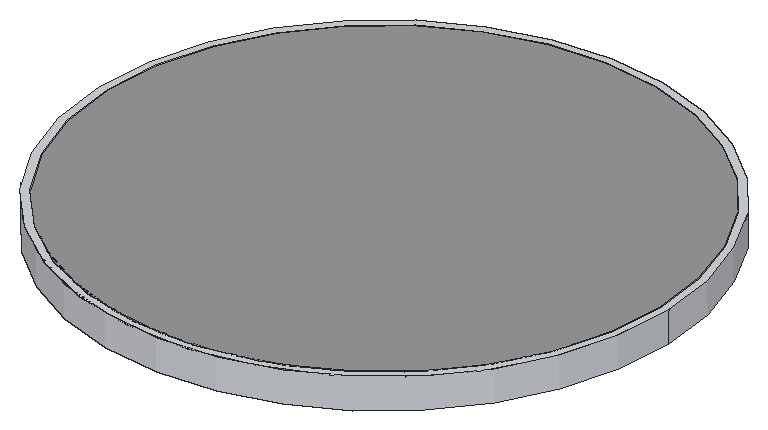
Revit family "2071309", category Lighting Fixtures, host Face, Revit 2018
Family settings
  Host = Face
  Round Connector Dimension = Use Diameter
  Part Type = Junction Box
  OmniClass Number = 23.80.70.00
  OmniClass Title = Lighting
  Cut with Voids When Loaded = No
  Light Source = Yes
  Shared = No
  Room Calculation Point = No
Parameters (values of type "2071309 COLOSSAL 1200 830 PR DIR+H WHT DALI")
  iner diameter = 1168 mm
  Weight = "n/a"
  Wattage Comments = ""
  Wattage = 30 W
  WarrantyStartDate [instance] = "n/a"
  WarrantyGuarantorParts = "n/a"
  WarrantyDurationUnit = "n/a"
  WarrantyDurationParts = ""
  WarrantyDescription = "http://www.sylvania-lighting.com"
  built-in parameter 1150110 = 1 (stored number, unit not read)
  Voltage = 230 V
  URL = "0.95"
  TypeName = "COLOSSAL 1200mm 830 PRISM DIR+HAL WHITE DALI"
  Type Image = <None>
  Type Comments = "n/a"
  built-in parameter 1114217 = 1 (stored number, unit not read)
  Tilt Angle = -90.00°
  built-in parameter 1150109 = 1 (stored number, unit not read)
  built-in parameter 1150134 = (empty or 0)
  built-in parameter 1150113 = 1 (stored number, unit not read)
  SerialNumber [instance] = "n/a"
  Photometric Web File = "2071309.ies"
  Material_3_SYL = LED-Sylvania
  PowerFactor = 0
  PowerConsumption = "Lighting"
  NominalLength = 1168 mm
  NominalHeight = 93 mm
  NominalDepth = 1168 mm
  Name = "COLOSSAL 1200mm 830 PRISM DIR+HAL WHITE DALI"
  ModelReference = Name  # "COLOSSAL 1200mm 830 PRISM DIR+HAL WHITE DALI"
  ModelNumber = "2071309"
  Model = Name  # "COLOSSAL 1200mm 830 PRISM DIR+HAL WHITE DALI"
  Material = "Feilo Sylvania"
  ManufacturerName = "135 lm/W"
  Manufacturer = ""
  LuminousEfficacy = ""
  built-in parameter 1150105 = 270.44 (stored number, unit not read)
  Lumens = 3398.4 lm
  LuminaireType = "0"
  built-in parameter 1150115 = 1 (stored number, unit not read)
  LightOutputRatio = "LED"
  built-in parameter 1150137 = (empty or 0)
  built-in parameter 1150139 = (empty or 0)
  LampsType = Lamp  # "n/a"
  LampNominalLuminous = "3000 K"
  LampMacAdamStep = "80"
  LampColourTemperature = "LED"
  LampColourRenderingIndex = "16500"
  built-in parameter 1150112 = 1 (stored number, unit not read)
  built-in parameter 1150114 = 1 (stored number, unit not read)
  Lamp = "n/a"
  Keynote = "n/a"
  InstallationDate [instance] = "n/a"
  InputVoltage = "0"
  InputNominalFrequency = "3000"
  built-in parameter 1150132 = (empty or 0)
  built-in parameter 1150102 = (empty or 0)
  built-in parameter 1150107 = 3000 (stored number, unit not read)
  built-in parameter 1150138 = (empty or 0)
  IngressProtection = "IfcLightFixtureType"
  ImpactProtectionIndex = "IfcLightFixtureType"
  built-in parameter 1150106 = 2.7044 (stored number, unit not read)
  IfcExportType = "IfcLightFixtureType"
  IfcExportAs = "Class I"
  Emit from Circle Diameter = 385 mm
  Emit Shape Visible in Rendering = no
  ElectricShockClassification = "135"
  built-in parameter 1150104 = 10.524 (stored number, unit not read)
  DocumentationLiterature = "http://www.sylvania-lighting.com/product/en-int/products/2071309"
  DimmingControlOptions = "n/a"
  Material_2_SYL = Polycarbonate_Sylvania_White
  Dimming Lamp Color Temperature Shift = <None>
  Description = "1200mm diameter circular architectural luminaire, can be surface mounted or suspended. Powder coated aluminium housing (RAL9016) with PMMA prismatic diffuser. Direct/indirect (halo) light distribution, 15880lm luminuous flux, 117.5W system power, 135lm/W luminiaire efficacy. DALI dimmable. Colour rendering index Ra >80, 3000K Warm White LED, chromaticity tolerance of 3-step MacAdam ellipse. IP40/IP20, IK03. 350mA drive current. UGR≤19. Electrical protection Class1, 220-240V. Reported lifetime 66k hours L90B10."
  Default Elevation = 1219.2 mm
  CreatedOn = "23/03/2022"
  CreatedBy = "@sylvania-lighting.com"
  Cost = 0
  Color Filter = 16777215
  built-in parameter 1114216 [instance] = (empty or 0)
  ClassificationValue = "EF_70_80"
  ClassificationName = "Uniclass2015"
  Material_1_SYL = Polycarbonate_Sylvania_Opal
  BarCode [instance] = "n/a"
  built-in parameter 1114218 = 1 (stored number, unit not read)
  built-in parameter 1150133 = 10 (stored number, unit not read)
  AssetType = "Fixed"
  AssetIdentifier [instance] = "n/a"
  Assembly Code = "D5020200"
  Apparent Load = 117.5 VA
  Material_4_SYL = none
Reference planes
  plane 1 "Center (Front/Back)": y = 0
  plane 2: z = 0
  plane 3 "Center (Left/Right)": x = 0
  plane 4: z = 1.161
  plane 5: z = 16.161
  plane 6: y = 584
  plane 7: y = -584
  plane 8: x = 85
  plane 9: x = -85
  plane 10: through (0, 0, 1219.2) normal (0.5, 0.866, 0)
  plane 11: through (42.5, 73.612, 1219.2) normal (0.5, 0.866, 0)
  plane 12: through (-42.5, -73.612, 1219.2) normal (0.5, 0.866, 0)
  plane 13: through (0, 0, 1219.2) normal (0.5, -0.866, 0)
  plane 14: through (-42.5, 73.612, 1219.2) normal (0.5, -0.866, 0)
  plane 15: through (42.5, -73.612, 1219.2) normal (0.5, -0.866, 0)
  plane 16: z = 93
  plane 17: y = 584
  plane 18: y = -584
  plane 19: y = -429
  plane 20: x = -584
  plane 21: x = 584
Forms (mm)
  Extrusion 1, solid, detail levels medium+fine
    sketch origin (0, 0, 0) x (0.866025, -0.5, 0) y (0.5, 0.866025, 0)
      loop
        circle (-50, 86.603) r 22
    from 0 to 2
  Extrusion 2, solid, detail levels medium+fine
    sketch origin (0, 0, 0) x (0.866025, -0.5, 0) y (0.5, 0.866025, 0)
      loop
        circle (100, 0) r 22
      loop
        circle (-50, -86.603) r 22
    from 0 to 2
  Extrusion 3, solid, detail levels medium+fine
    sketch origin (0, 0, 0) x (1, 0, 0) y (0, 1, 0)
      loop
        circle (0, 0) r 584
    from 30 to 93
  Extrusion 4, void
    sketch origin (0, 0, 0) x (1, 0, 0) y (0, 1, 0)
      loop
        circle (0, 0) r 568
    from 96.588 to 37.292
  Extrusion 5, solid, material "Glass, White, High Luminance", detail levels fine
    sketch origin (0, 0, 0) x (1, 0, 0) y (0, 1, 0)
      loop
        circle (0, 0) r 568
    from 88.022 to 93
  Extrusion 6, solid, detail levels coarse
    sketch origin (0, 0, 0) x (1, 0, 0) y (0, 1, 0)
      loop
        line (-584, 584) -> (-584, -584) -> (584, -584) -> (584, 584) -> (-584, 584)
    from 0 to 93
  Blend 7, solid, detail levels medium+fine
    base sketch origin (-10.814, 11.299, 29.922) x (1, 0, 0) y (0, 1, 0)
      loop
        line (-402.654, -330.622) -> (397.346, -330.622) -> (482.346, -183.398) -> (82.346, 509.423) -> (-87.654, 509.423) -> (-487.654, -183.398) -> (-402.654, -330.622)
    top sketch origin (-10.814, 11.299, 29.922) x (1, 0, 0) y (0, 1, 0)
      loop
        line (-363.391, -306.496) -> (364.632, -306.496) -> (449.632, -159.272) -> (87.132, 468.597) -> (-82.868, 468.597) -> (-445.368, -159.272) -> (-363.391, -306.496)
    from 0 to -30
Cuts and joins
  Extrusion 4 cuts Extrusion 1
  Extrusion 4 cuts Extrusion 2
  Extrusion 4 cuts Extrusion 3
Lines and regions (mm)
  model lines, detail levels medium+fine
    curve 1: circle (0, 0, 0) r 155 normal (0, 0, 1)
  reference lines
    curve 2: circle (0, 0, 0) r 489 normal (0, 0, 1)
    curve 3: circle (0, 0, 0) r 521 normal (0, 0, 1)
    curve 4: line (0, 0, 0) -> (606.218, -350, 0)
    curve 5: line (0, 0, 0) -> (0, 825, 0)
    curve 6: line (0, 0, 0) -> (-623.538, -360, 0)
    curve 7: line (639.013, -270.785, 0) -> (85, 49.075, 0)
    curve 8: line (563.718, -423.612, 0) -> (0, -98.15, 0)
    curve 9: line (85, 49.075, 0) -> (85, 825, 0)
    curve 10: line (-85, 49.075, 0) -> (-85, 825, 0)
    curve 11: line (-85, 49.075, 0) -> (-666.038, -286.388, 0)
    curve 12: line (-581.038, -433.612, 0) -> (0, -98.15, 0)
Dimensions and locks
  plane 4 to level = 1.161 mm
  locked: plane 5 to plane 4 at 15
  "NominalDepth": plane 6 to plane 7
  plane 6 to plane 1 "Center (Front/Back)" to plane 7 = 584 mm, 584 mm
  "NominalHeight": level to plane 16
  equal spacing: plane 17, plane 1 "Center (Front/Back)", plane 18
  "NominalLength": plane 20 to plane 21
  equal spacing: plane 20, plane 3 "Center (Left/Right)", plane 21
  aligned and locked: plane 2 to host face
  aligned and locked: level to host face
  aligned and locked: plane 6 to Extrusion 6
Automatic sketch dimensions
  host sketch curve to host sketch curve = 2438.4 mm  (x2)
  Extrusion 1 sketch curve to plane 3 "Center (Left/Right)" = 0 mm
  Extrusion 1 sketch curve to plane 1 "Center (Front/Back)" = 100 mm
  plane 1 "Center (Front/Back)" to Extrusion 2 sketch curve = 50 mm
  Extrusion 2 sketch curve to plane 3 "Center (Left/Right)" = 86.603 mm
  Extrusion 2 sketch curve to Extrusion 2 sketch curve = 150 mm
  Extrusion 2 sketch curve to Extrusion 2 sketch curve = 86.603 mm
  plane 1 "Center (Front/Back)" to curve 1 = 0 mm
  curve 1 to plane 3 "Center (Left/Right)" = 0 mm
  plane 1 "Center (Front/Back)" to Extrusion 3 sketch curve = 0 mm
  Extrusion 3 sketch curve to plane 3 "Center (Left/Right)" = 0 mm
  plane 1 "Center (Front/Back)" to Extrusion 4 sketch curve = 0 mm
  Extrusion 4 sketch curve to plane 3 "Center (Left/Right)" = 0 mm
  plane 1 "Center (Front/Back)" to Extrusion 5 sketch curve = 0 mm
  Extrusion 5 sketch curve to plane 3 "Center (Left/Right)" = 0 mm
  curve 2 to curve 3 = 0 mm  (x2)
  curve 11 to plane 14 = 0 mm
  curve 6 to plane 13 = 0 mm
  curve 12 to plane 15 = 0 mm
  curve 10 to plane 9 = 0 mm
  curve 12 to plane 3 "Center (Left/Right)" = 0 mm
  plane 1 "Center (Front/Back)" to curve 3 = 0 mm
  curve 3 to plane 3 "Center (Left/Right)" = 0 mm
  curve 7 to plane 8 = 0 mm
  curve 11 to plane 10 = 0 mm
  curve 12 to plane 19 = 4.612 mm
  plane 19 to curve 6 = 69 mm
  plane 19 to curve 11 = 142.612 mm
  plane 19 to curve 8 = 5.388 mm
  plane 19 to curve 4 = 79 mm
  plane 19 to curve 7 = 158.215 mm
  plane 6 to curve 5 = 241 mm
  curve 10 to curve 5 = 0 mm
  curve 5 to curve 9 = 0 mm
  plane 1 "Center (Front/Back)" to curve 6 = 0 mm
  curve 6 to plane 3 "Center (Left/Right)" = 0 mm
  Extrusion 6 sketch curve to plane 7 = 0 mm
  Extrusion 6 sketch curve to plane 6 = 0 mm
  Blend 7 sketch curve to plane 6 = 756.098 mm  (x2)
  Blend 7 sketch curve to Blend 7 sketch curve = 85 mm
  plane 3 "Center (Left/Right)" to Blend 7 sketch curve = 386.532 mm
  plane 8 to Blend 7 sketch curve = 386.532 mm
  Blend 7 sketch curve to plane 6 = 63.278 mm
  Blend 7 sketch curve to plane 6 = 731.972 mm  (x2)
  Blend 7 sketch curve to Blend 7 sketch curve = 81.977 mm
  plane 3 "Center (Left/Right)" to Blend 7 sketch curve = 353.818 mm
  plane 8 to Blend 7 sketch curve = 353.818 mm
  Blend 7 sketch curve to plane 6 = 104.104 mm
  plane 12 to curve 8 = 0 mm
  plane 19 to Blend 7 sketch curve = 109.677 mm
  plane 19 to Blend 7 sketch curve = 133.803 mm
  plane 8 to Extrusion 6 sketch curve = 499 mm
  Extrusion 6 sketch curve to plane 9 = 499 mm
  Blend 7 sketch curve to plane 8 = 13.468 mm
  Blend 7 sketch curve to plane 9 = 13.468 mm
  Blend 7 sketch curve to plane 9 = 328.468 mm
  Blend 7 sketch curve to plane 8 = 8.682 mm
  Blend 7 sketch curve to plane 9 = 8.682 mm
  Blend 7 sketch curve to plane 9 = 289.205 mm
  plane 10 to curve 4 = 0 mm
  plane 11 to curve 7 = 0 mm
  curve 12 to plane 12 = 0 mm
  curve 9 to plane 11 = 0 mm
  radius of Extrusion 1 sketch curve = 22 mm
  radius of Extrusion 2 sketch curve = 22 mm  (x2)
  radius of curve 1 = 155 mm
  radius of Extrusion 3 sketch curve = 584 mm
  radius of Extrusion 4 sketch curve = 568 mm
  radius of Extrusion 5 sketch curve = 568 mm
  radius of curve 2 = 489 mm
  radius of curve 3 = 521 mm
Connectors
  electrical at (0, 0, 30)
    settings: on cut or joined group of Extrusion 3, Extrusion 4, index 1, voltage 0 V, apparent load 0 VA, apparent load phase1 0 VA, apparent load phase2 0 VA, apparent load phase3 0 VA, power factor 1, load classification "Other", number of poles 1, system type 31, power factor state 1, is connector primary yes, connector utility no, sub classification motor no, connector description ""
